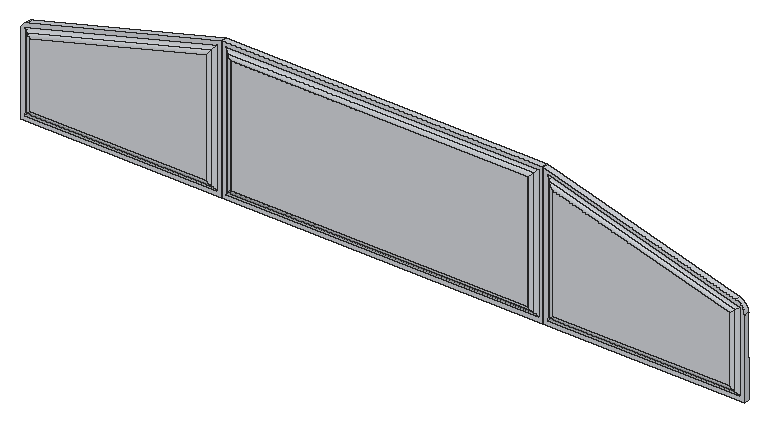
Revit family "BuzziDesk_Flipflop_Revit", category Furniture, Revit 2019
Family settings
  OmniClass Number = 23.40.20.00
  OmniClass Title = General Furniture and Specialties
  Work Plane-Based = No
  Always vertical = Yes
  Cut with Voids When Loaded = No
  Shared = No
  Room Calculation Point = No
Parameters (values of type "Middle (35cm H x 80cm L) Sides (35cm H x 50cm L)")
  Side Type = 35cm x 50cm Side : 35cm x 50cm Side
  Panel Material [instance] = none
  Length Midpart = 80 cm
  Height = 35 cm
Types (29, lengths in cm): name | Side Type | Length Midpart | Height
  (no name) | 35cm x 50cm Side : 35cm x 50cm Side | 80 | 35
  Middle (50cm H x 80cm L) Sides (50cm H x 37cm L) | 50cm x 37cm Side : 50cm x 37cm Side | 80 | 49.9963
  Middle (50cm H x 100cm L) Sides (50cm H x 37cm L) | 50cm x 37cm Side : 50cm x 37cm Side | 100 | 49.9963
  Middle (50cm H x 120cm L) Sides (50cm H x 37cm L) | 50cm x 37cm Side : 50cm x 37cm Side | 120 | 49.9963
  Middle (50cm H x 140cm L) Sides (50cm H x 37cm L) | 50cm x 37cm Side : 50cm x 37cm Side | 140 | 49.9963
  Middle (50cm H x 160cm L) Sides (50cm H x 37cm L) | 50cm x 37cm Side : 50cm x 37cm Side | 160 | 49.9963
  Middle (50cm H x 180cm L) Sides (50cm H x 37cm L) | 50cm x 37cm Side : 50cm x 37cm Side | 180 | 49.9963
  Middle (50cm H x 200cm L) Sides (50cm H x 37cm L) | 50cm x 37cm Side : 50cm x 37cm Side | 200 | 49.9963
  Middle (50cm H x 80cm L) Sides (50cm H x 50cm L) | 50cm x 50cm Side : 50cm x 50cm Side | 80 | 49.9963
  Middle (50cm H x 100cm L) Sides (50cm H x 50cm L) | 50cm x 50cm Side : 50cm x 50cm Side | 100 | 49.9963
  Middle (50cm H x 120cm L) Sides (50cm H x 50cm L) | 50cm x 50cm Side : 50cm x 50cm Side | 120 | 49.9963
  Middle (50cm H x 140cm L) Sides (50cm H x 50cm L) | 50cm x 50cm Side : 50cm x 50cm Side | 140 | 49.9963
  Middle (50cm H x 160cm L) Sides (50cm H x 50cm L) | 50cm x 50cm Side : 50cm x 50cm Side | 160 | 49.9963
  Middle (50cm H x 180cm L) Sides (50cm H x 50cm L) | 50cm x 50cm Side : 50cm x 50cm Side | 180 | 49.9963
  Middle (50cm H x 200cm L) Sides (50cm H x 50cm L) | 50cm x 50cm Side : 50cm x 50cm Side | 200 | 49.9963
  Middle (35cm H x 80cm L) Sides (35cm H x 37cm L) | 35cm x 37cm Side : 35cm x 37cm Side | 80 | 35
  Middle (35cm H x 100cm L) Sides (35cm H x 37cm L) | 35cm x 37cm Side : 35cm x 37cm Side | 100 | 35
  Middle (35cm H x 120cm L) Sides (35cm H x 37cm L) | 35cm x 37cm Side : 35cm x 37cm Side | 120 | 35
  Middle (35cm H x 140cm L) Sides (35cm H x 37cm L) | 35cm x 37cm Side : 35cm x 37cm Side | 140 | 35
  Middle (35cm H x 160cm L) Sides (35cm H x 37cm L) | 35cm x 37cm Side : 35cm x 37cm Side | 160 | 35
  Middle (35cm H x 180cm L) Sides (35cm H x 37cm L) | 35cm x 37cm Side : 35cm x 37cm Side | 180 | 35
  Middle (35cm H x 200cm L) Sides (35cm H x 37cm L) | 35cm x 37cm Side : 35cm x 37cm Side | 200 | 35
  Middle (35cm H x 80cm L) Sides (35cm H x 50cm L) | 35cm x 50cm Side : 35cm x 50cm Side | 80 | 35
  Middle (35cm H x 100cm L) Sides (35cm H x 50cm L) | 35cm x 50cm Side : 35cm x 50cm Side | 100 | 35
  Middle (35cm H x 120cm L) Sides (35cm H x 50cm L) | 35cm x 50cm Side : 35cm x 50cm Side | 120 | 35
  Middle (35cm H x 140cm L) Sides (35cm H x 50cm L) | 35cm x 50cm Side : 35cm x 50cm Side | 140 | 35
  Middle (35cm H x 160cm L) Sides (35cm H x 50cm L) | 35cm x 50cm Side : 35cm x 50cm Side | 160 | 35
  Middle (35cm H x 180cm L) Sides (35cm H x 50cm L) | 35cm x 50cm Side : 35cm x 50cm Side | 180 | 35
  Middle (35cm H x 200cm L) Sides (35cm H x 50cm L) | 35cm x 50cm Side : 35cm x 50cm Side | 200 | 35
Reference planes (cm)
  plane 1 "Center Front/Back": y = 0
  plane 2: z = 0
  plane 3 "Center Left/Right": x = 0
  plane 4: x = -40
  plane 5: x = 40
  plane 6: z = 35
Dimensions and locks (cm)
  equal spacing: plane 4, plane 3 "Center Left/Right", plane 5
  "Length Midpart": plane 4 to plane 5
  "Height": plane 6 to level
  aligned and locked: level to plane 2
  aligned and locked: plane 3 "Center Left/Right" to nested 1
  aligned and locked: plane 1 "Center Front/Back" to nested 1
  aligned and locked: plane 1 "Center Front/Back" to nested 2
  aligned and locked: plane 4 to nested 2
  aligned and locked: nested 1 to plane 5
  aligned and locked: nested 3 to plane 1 "Center Front/Back"
  aligned and locked: nested 3 to plane 5
Nested families (cm)
  nested 1: "Middle Panel" at (0, 0, 0), Panel <- "Panel Material", type "Middle Panel"
    with Panel none, Width 80 cm, Height 35 cm
  nested 2: "35cm x 50cm Side" at (-65, 0, 0), Panel <- "Panel Material", type <- "Side Type", type "35cm x 50cm Side"
  nested 3: "35cm x 50cm Side" at (65, 0, 0) x (-1, 0, 0) z (0, 0, 1), Panel <- "Panel Material", type <- "Side Type", type "35cm x 50cm Side"
Definition of nested family "Middle Panel"
  Parameters (values of type "Middle Panel")
    Width = 199.9952 cm
    Panel [instance] = none
    Height = 49.9963 cm
  Reference planes (cm)
    plane 1 "Center Front/Back": y = 0
    plane 2: z = 0
    plane 3 "Center Left/Right": x = 0
    plane 4: x = 99.9976
    plane 5: x = -99.9976
    plane 6: y = -1.5
    plane 7: y = 1.5
    plane 8: z = 49.9963
    plane 9: z = 46.9801
    plane 10: x = -96.9814
    plane 11: x = 96.9814
    plane 12: z = 3.0162
  Forms (cm)
    Extrusion 1, solid, material <- "Panel"
      sketch origin (0, 0, 0) x (1, 0, 0) y (0, 0, 1)
        loop
          line (-96.9814, 46.9801) -> (-96.9814, 3.0162) -> (96.9814, 3.0162) -> (96.9814, 46.9801) -> (-96.9814, 46.9801)
      from -1.5 to 1.5
    Sweep 2, solid, material <- "Panel"
      path origin (0, 0, 0) x (1, 0, 0) y (0, 0, 1)
        loop
          line (-96.9814, 3.0162) -> (96.9814, 3.0162) -> (96.9814, 46.9801) -> (-96.9814, 46.9801) -> (-96.9814, 3.0162)
      profile origin (0, 0, 3.0162) x (0, 0, 1) y (0, -1, 0)
        loop
          line (0, -1.5) -> (0, 1.5)
          arc (0, 1.5) -> (-0.5595, 1.3916) -> (-1.0151, 1.0493) r 1.2688
          arc (-1.0151, 1.0493) -> (-1.4385, 0.7224) -> (-1.9593, 0.6) r 1.2635
          line (-1.9593, 0.6) -> (-3, 0.6) -> (-3, -0.6) -> (-1.9593, -0.6)
          arc (-1.9593, -0.6) -> (-1.4385, -0.7224) -> (-1.0151, -1.0493) r 1.2635
          arc (-1.0151, -1.0493) -> (-0.5595, -1.3916) -> (0, -1.5) r 1.2688
  Dimensions and locks (cm)
    equal spacing: plane 4, plane 3 "Center Left/Right", plane 5
    locked: plane 8 to plane 9 at 3.0162
    "Height": plane 8 to level
    "Width": plane 4 to plane 5
    locked: plane 10 to plane 5 at 3.0162
    locked: plane 11 to plane 4 at 3.0162
    locked: plane 12 to level at 3.0162
    aligned and locked: level to plane 2
    aligned and locked: Sweep 2 sketch curve to plane 10
    aligned and locked: Sweep 2 sketch curve to plane 9
    aligned and locked: Sweep 2 sketch curve to plane 11
    aligned and locked: Sweep 2 sketch curve to plane 12
    aligned and locked: Extrusion 1 sketch curve to plane 9
    aligned and locked: Extrusion 1 sketch curve to plane 10
    aligned and locked: Extrusion 1 sketch curve to plane 11
    aligned and locked: Extrusion 1 sketch curve to plane 12
  Automatic sketch dimensions
    profile plane to Sweep 2 sketch curve = 0 cm
    profile plane to Sweep 2 sketch curve = 0.0446 cm  (x2)
    plane 1 "Center Front/Back" to Sweep 2 sketch curve = 0.6 cm
    Sweep 2 sketch curve to Sweep 2 sketch curve = 1.9147 cm
    Sweep 2 sketch curve to plane 1 "Center Front/Back" = 0.6 cm
    Sweep 2 sketch curve to Sweep 2 sketch curve = 0 cm
    Sweep 2 sketch curve to Sweep 2 sketch curve = 0.0222 cm  (x2)
    Sweep 2 sketch curve to Sweep 2 sketch curve = 1.0407 cm
    Sweep 2 sketch curve to plane 1 "Center Front/Back" = 1.5 cm
    Sweep 2 sketch curve to Sweep 2 sketch curve = 1.2633 cm  (x2)
    Sweep 2 sketch curve to plane 1 "Center Front/Back" = 0.2319 cm
    plane 1 "Center Front/Back" to Sweep 2 sketch curve = 0.2319 cm
    Sweep 2 sketch curve to Sweep 2 sketch curve = 1.2681 cm
Definition of nested family "35cm x 50cm Side"
  Parameters (values of type "35cm x 50cm Side")
    Panel [instance] = none
  Reference planes (cm)
    plane 1 "Center Front/Back": y = 0
    plane 2: z = 0
    plane 3 "Center Left/Right": x = 0
    plane 4: x = 25
    plane 5: x = -25
    plane 6: y = -1.5
    plane 7: y = 1.5
  Forms (cm)
    Extrusion 1, solid, material <- "Panel"
      sketch origin (0, 0, 0) x (1, 0, 0) y (0, 0, 1)
        loop
          line (-22, 19.3006) -> (-22, 3) -> (22, 3) -> (22, 31.0903) -> (-22, 19.3006)
      from -1.5 to 1.5
    Sweep 2, solid, material <- "Panel"
      path origin (0, 0, 0) x (1, 0, 0) y (0, 0, 1)
        loop
          line (-22, 3) -> (22, 3) -> (22, 31.0903) -> (-22, 19.3006) -> (-22, 3)
      profile origin (0, 0, 3) x (0, 0, 1) y (0, -1, 0)
        loop
          line (0, -1.5) -> (0, 1.5)
          arc (0, 1.5) -> (-0.5595, 1.3916) -> (-1.0151, 1.0493) r 1.2688
          arc (-1.0151, 1.0493) -> (-1.4385, 0.7224) -> (-1.9593, 0.6) r 1.2635
          line (-1.9593, 0.6) -> (-3, 0.6) -> (-3, -0.6) -> (-1.9593, -0.6)
          arc (-1.9593, -0.6) -> (-1.4385, -0.7224) -> (-1.0151, -1.0493) r 1.2635
          arc (-1.0151, -1.0493) -> (-0.5595, -1.3916) -> (0, -1.5) r 1.2688
    Extrusion 3, void
      sketch origin (0, 0, 0) x (1, 0, 0) y (0, 0, 1)
        loop
          line (-22.7765, 22.1983) -> (-22.9163, 22.7609) -> (-25.5468, 22.7609) -> (-25.5468, 19.3006) -> (-25, 19.3006)
          arc (-25, 19.3006) -> (-24.3947, 21.1381) -> (-22.7765, 22.1983) r 2.9314
      from -1.5 to 2.2821
  Cuts and joins
    Extrusion 3 cuts Sweep 2
    joined: Extrusion 1, Sweep 2
  Dimensions and locks (cm)
    aligned and locked: level to plane 2
